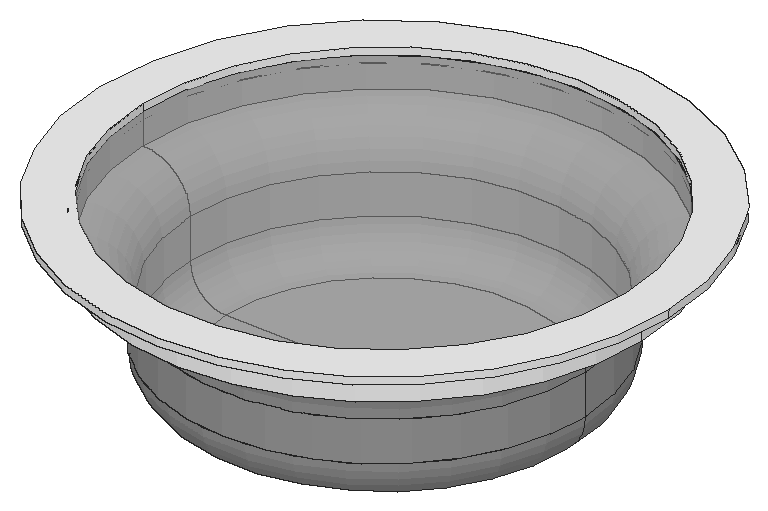
Revit family "3033931 Lighting Fixture_Sylvania_Insaver HO Topper LED II_Ceiling Recessed", category Lighting Fixtures, host Face, Revit 2017
Family settings
  Host = Face
  Round Connector Dimension = Use Diameter
  Part Type = Normal
  OmniClass Number = 23.80.70.11.17
  OmniClass Title = Specialized Lighting by Location or Use
  Cut with Voids When Loaded = No
  Light Source = Yes
  Shared = No
  Room Calculation Point = No
Parameters (values of type "Insaver HO Topper LED II 150 RO 12W NW")
  Weight = 0.38 kg
  Wattage = 12.9971 W
  built-in parameter 1150110 = 1 (stored number, unit not read)
  Voltage Comments = "UNV (Universal Voltage; 220-240 Volt)"  # constant formula
  Voltage = 230 V  # constant formula
  URL = "http://www.sylvania-lighting.com"
  Ta Rating = "-10°C to +40°C"  # constant formula
  LOR = "100 %"
  Glow Wire Test = 650 °C  # constant formula
  Electrical Protection = "Class II"  # constant formula
  Distribution type = "Direct - Symmetrical"  # constant formula
  Accessory Marerial = Metallic Paint_Sylvania_Insaver HO Topper LED_White_RAL 9003
  built-in parameter 1114217 = 1 (stored number, unit not read)
  Tilt Angle = -90°
  built-in parameter 1150109 = 1 (stored number, unit not read)
  built-in parameter 1150134 = 12
  built-in parameter 1150113 = 1 (stored number, unit not read)
  Product Page URL = "http://www.sylvania-lighting.com/product/en-int/products/3033931"
  Product Family = "INSAVER HO TOPPER LED II"  # constant formula
  Photometry Comments = ""
  Photometric Web File = "3033931_InsaverHOTopperLEDII150RO12WNW-194654.ies"
  Life = "50 000 h"  # constant formula
  Inner Radius = Inner Diameter / 2  # 70.0 mm
  IP Rating = "IP44"  # constant formula
  IK Rating = "IK07"  # constant formula
  Emit from Circle Diameter = Diffuser Diameter  # 136.0 mm
  Drive Current = "300 mA"
  Accessory Diameter = Diameter + 15.0 mm  # 160.0 mm
  Inner Diameter = Diameter - 5.0 mm  # 140.0 mm
  Diffuser Diameter = Diameter - 9.0 mm  # 136.0 mm
  Diameter = 145.0 mm
  Cutout Diameter = Diameter  # 145.0 mm
  CRI ( Ra ) = 80  # constant formula
  Body Material = Metallic Paint_Sylvania_Insaver HO Topper LED_White_RAL 9003
  Beam Angle = 74°  # constant formula
  Difuser Material = Polycarbonate_Sylvania_Insaver HO Topper LED_3000K
  Height = 45.0 mm
  built-in parameter 1114216 [instance] = 1 (stored number, unit not read)
  Model = "Insaver HO Topper LED II 150 RO 12W NW"
  Manufacturer = "Feilo Sylvania"  # constant formula
  built-in parameter 1150105 = 632.85 (stored number, unit not read)
  Lumens = 1134 lm
  built-in parameter 1150115 = 1 (stored number, unit not read)
  built-in parameter 1150137 = (empty or 0)
  built-in parameter 1150139 = (empty or 0)
  built-in parameter 1150112 = 1 (stored number, unit not read)
  built-in parameter 1150114 = 1 (stored number, unit not read)
  Lamp Comments = "Integrated LED"  # constant formula
  Lamp = "12W"
  built-in parameter 1150132 = 2
  built-in parameter 1150102 = (empty or 0)
  built-in parameter 1150107 = 4000 (stored number, unit not read)
  built-in parameter 1150138 = (empty or 0)
  built-in parameter 1150106 = 6.3285 (stored number, unit not read)
  Reflector Material = Metal_Sylvania_Insaver HO Topper LED
  Emit Shape Visible in Rendering = yes
  built-in parameter 1150104 = 8.1058 (stored number, unit not read)
  Dimming Lamp Color Temperature Shift = <None>
  Description = "Insaver HO Topper LED II is available in 4 different round cut out sizes: 150mm, 175mm, 205mm & 220mm Insaver HO Topper LED II 150 12W delivers a 1,134 lumen output (4,000K) - perfect for 1x26W CFL replacement Insaver HO Topper LED II 175 15W delivers a 1,480 lumen output (4,000K) - perfect for 1x32W/2x18W CFL replacement Insaver HO Topper LED II 205 21W delivers a 1,989 lumen output (4,000K) - perfect for 1x42W CFL replacement Insaver HO Topper LED II 225 25W delivers a 2,289 lumen output (4,000K)- perfect for 2x26W CFL replacement High efficacy up to 99lm/W (Insaver HO Topper LED II 175 4,000K) IP44 rating allows for installation in applicable wet zone areas Choice of 3,000K (warm white) or 4,000K (neutral white) Shallow recess depth of <65mm Can replace existing large CFL downlights using a 225mm ceiling cut out (Insaver HO Topper LED II 225) Energy efficient electronic gear including analogue 1-10V and DALI dimmable options IK07 polycarbonate diffuser allows for a wider light distribution than a reflector downlight, allowing for increased spacings between luminaires 3 hour emergency pack available (to be ordered in addition to the luminaire) Ideal for applications such as corridors, public WCs and back of house areas Quick and easy to install Loop in-Loop out facility with red push fit terminal block for quick wiring White bezel (RAL 9003) Energy Class: A++, A+, A Long lifetime: 50,000 hours life at L70 (L80: 30,000 hours, L90: 15,000 hours)"  # constant formula
  Default Elevation = 0.0 mm
  Color Filter = 16777215
  Catalog Number = "3033931 Insaver HO Topper LED II 150 RO 12W NW"
  built-in parameter 1140040 [instance] = 1
  built-in parameter 1114218 = 1 (stored number, unit not read)
  built-in parameter 1150133 = 10 (stored number, unit not read)
  Assembly Code = "D5020200"
  Apparent Load Comments = ""
  Apparent Load = 12 VA
Reference planes
  plane 1 "Center (Front/Back)": y = 0
  plane 2: z = 0
  plane 3 "Center (Left/Right)": x = 0
  plane 4 "Fixture Bottom": z = 2
  plane 5 "Fixture Top": z = -45
  plane 6 "Brace Top": z = -8.5
  plane 7 "Fixture Left": x = -80
  plane 8 "Fixture Right": x = 80
  plane 9 "Cutout Right": x = 72.5
  plane 10 "Cutout Left": x = -72.5
  plane 11: z = -2
Forms (mm)
  Extrusion 1, void
    sketch origin (0, 0, 59) x (-1, 0, 0) y (0, -1, 0)
      loop
        circle (0, 0) r 72.5
    from -104 to -57
  Extrusion 2, solid, material "Metallic Paint_Sylvania_Insaver HO Topper LED_White_RAL 9003" <- "Accessory Marerial", detail levels fine
    sketch origin (0, 0, 59) x (-1, 0, 0) y (0, -1, 0)
      loop
        circle (0, 0) r 80
      loop
        circle (0, 0) r 68
    from -59 to -57
  Extrusion 3, solid, material "Metallic Paint_Sylvania_Insaver HO Topper LED_White_RAL 9003" <- "Accessory Marerial", detail levels fine
    sketch origin (0, 0, 0) x (1, 0, 0) y (0, 1, 0)
      loop
        circle (0, 0) r 72.5
      loop
        circle (0, 0) r 70
    from -8.5 to 0
  Extrusion 4, solid, material "Polycarbonate_Sylvania_Insaver HO Topper LED_3000K" <- "Difuser Material", detail levels fine
    sketch origin (0, 0, 59) x (-1, 0, 0) y (0, -1, 0)
      loop
        circle (0, 0) r 68
    from -61 to -59
  Revolve 5, solid, material "Metal_Sylvania_Insaver HO Topper LED" <- "Reflector Material", detail levels fine
    sketch origin (0, 0, 0) x (1, 0, 0) y (0, 0, 1)
      loop
        line (-68, 0) -> (-70, 0) -> (-70, -8.5)
        arc (-70, -8.5) -> (-60.547, -12.382) -> (-56.627, -21.82) r 13.32
        line (-56.627, -21.82) -> (-56.627, -33)
        arc (-56.627, -33) -> (-53.113, -41.485) -> (-44.627, -45) r 12
        line (-44.627, -45) -> (0, -45) -> (0, -43) -> (-44.627, -43)
        arc (-44.627, -43) -> (-51.698, -40.071) -> (-54.627, -33) r 10
        line (-54.627, -33) -> (-54.627, -21.82)
        arc (-54.627, -21.82) -> (-58.547, -12.382) -> (-68, -8.5) r 13.32
        line (-68, -8.5) -> (-68, 0)
      axis (0, -45) -> (0, 0)
    angle from 0 to 360
  Revolve 6, solid, material "Metallic Paint_Sylvania_Insaver HO Topper LED_White_RAL 9003" <- "Body Material", detail levels coarse+medium
    sketch origin (0, 0, 0) x (1, 0, 0) y (0, 0, 1)
      loop
        line (-56.627, -21.82) -> (-56.627, -33)
        arc (-56.627, -33) -> (-53.113, -41.485) -> (-44.627, -45) r 12
        line (-44.627, -45) -> (0, -45) -> (0, 2) -> (-80, 2) -> (-80, 0) -> (-72.5, 0) -> (-72.5, -8.5) -> (-70, -8.5)
        arc (-70, -8.5) -> (-60.547, -12.382) -> (-56.627, -21.82) r 13.32
      axis (0, -45) -> (0, 2)
    angle from 0 to 360
Cuts and joins
  joined: Extrusion 2, Extrusion 3
Dimensions and locks
  plane 4 "Fixture Bottom" to plane 2 to plane 6 "Brace Top" = 2.0 mm locked, 8.5 mm locked
  "Height": plane 2 to plane 5 "Fixture Top"
  equal spacing: plane 8 "Fixture Right", plane 3 "Center (Left/Right)", plane 7 "Fixture Left"
  "Accessory Diameter": plane 8 "Fixture Right" to plane 7 "Fixture Left"
  equal spacing: plane 9 "Cutout Right", plane 3 "Center (Left/Right)", plane 10 "Cutout Left"
  "Diameter": plane 9 "Cutout Right" to plane 10 "Cutout Left"
  locked: Revolve 6 sketch curve to Revolve 6 sketch curve at 23.373
  locked: Revolve 6 sketch curve to plane 5 "Fixture Top" at 12
  locked: Revolve 5 sketch curve to plane 7 "Fixture Left" at 23.373
  "Cutout Diameter": diameter of Extrusion 1 sketch curve
  "Accessory Diameter": diameter of Extrusion 2 sketch curve
  "Diffuser Diameter": diameter of Extrusion 2 sketch curve
  "Diameter": diameter of Extrusion 3 sketch curve
  "Inner Diameter": diameter of Extrusion 3 sketch curve
  "Diffuser Diameter": diameter of Extrusion 4 sketch curve
  aligned and locked: plane 2 to host face
  aligned and locked: level to host face
  aligned and locked: plane 1 "Center (Front/Back)" to imposter light
  aligned and locked: Extrusion 2 to plane 2
  aligned and locked: plane 4 "Fixture Bottom" to Extrusion 2
  aligned and locked: plane 2 to Extrusion 3
  aligned and locked: plane 4 "Fixture Bottom" to Extrusion 1
  aligned and locked: Extrusion 1 to plane 5 "Fixture Top"
  aligned and locked: plane 3 "Center (Left/Right)" to imposter light
  aligned and locked: imposter light to plane 4 "Fixture Bottom"
  aligned and locked: Extrusion 3 to plane 6 "Brace Top"
  aligned and locked: level to Extrusion 4
  aligned and locked: plane 11 to Extrusion 4
  aligned and locked: imposter light to Revolve 5 sketch curve  (x2)
  aligned and locked: Revolve 5 sketch curve to plane 2
  aligned and locked: plane 6 "Brace Top" to Revolve 5 sketch curve
  aligned and locked: Revolve 6 sketch curve to imposter light
  aligned and locked: plane 2 to Revolve 6 sketch curve
  aligned and locked: plane 6 "Brace Top" to Revolve 6 sketch curve
  aligned and locked: plane 7 "Fixture Left" to Revolve 6 sketch curve
  aligned and locked: plane 10 "Cutout Left" to Revolve 6 sketch curve
  aligned and locked: Revolve 6 sketch curve to plane 5 "Fixture Top"
  aligned and locked: Revolve 5 sketch curve to plane 5 "Fixture Top"
Automatic sketch dimensions
  host sketch curve to host sketch curve = 1596.918 mm
  host sketch curve to host sketch curve = 1559.52 mm
  Revolve 6 sketch curve to plane 3 "Center (Left/Right)" = 0.0 mm  (x2)
  Revolve 6 sketch curve to Revolve 6 sketch curve = 2.5 mm
  plane 5 "Fixture Top" to Revolve 6 sketch curve = 23.18 mm
  Revolve 6 sketch curve to plane 5 "Fixture Top" = 19.048 mm
  plane 4 "Fixture Bottom" to Revolve 6 sketch curve = 5.837 mm
  Revolve 5 sketch curve to Revolve 5 sketch curve = 0.0 mm  (x2)
  Revolve 5 sketch curve to plane 6 "Brace Top" = 0.0 mm
  plane 10 "Cutout Left" to Revolve 5 sketch curve = 2.5 mm
  plane 5 "Fixture Top" to Revolve 5 sketch curve = 2.0 mm
  Revolve 5 sketch curve to Revolve 5 sketch curve = 2.0 mm  (x2)
  Revolve 5 sketch curve to Revolve 5 sketch curve = 10.0 mm
  plane 5 "Fixture Top" to Revolve 5 sketch curve = 23.18 mm
  Revolve 5 sketch curve to plane 5 "Fixture Top" = 19.048 mm
  plane 4 "Fixture Bottom" to Revolve 5 sketch curve = 5.837 mm
  plane 1 "Center (Front/Back)" to Extrusion 1 sketch curve = 0.0 mm
  Extrusion 1 sketch curve to plane 3 "Center (Left/Right)" = 0.0 mm
  Extrusion 2 sketch curve to Extrusion 2 sketch curve = 0.0 mm  (x2)
  plane 1 "Center (Front/Back)" to Extrusion 2 sketch curve = 0.0 mm
  Extrusion 2 sketch curve to plane 3 "Center (Left/Right)" = 0.0 mm
  Extrusion 3 sketch curve to Extrusion 3 sketch curve = 0.0 mm  (x2)
  plane 1 "Center (Front/Back)" to Extrusion 3 sketch curve = 0.0 mm
  Extrusion 3 sketch curve to plane 3 "Center (Left/Right)" = 0.0 mm
  plane 1 "Center (Front/Back)" to Extrusion 4 sketch curve = 0.0 mm
  Extrusion 4 sketch curve to plane 3 "Center (Left/Right)" = 0.0 mm
Connectors
  electrical at (0, 0, -45), driven by "Voltage", driven by "Apparent Load"
    settings: index 1, voltage 230 V, apparent load 0 VA, apparent load phase1 12 VA, apparent load phase2 0 VA, apparent load phase3 0 VA, power factor 1, load classification "Lighting", number of poles 1, system type 31, power factor state 1, is connector primary yes, connector utility no, sub classification motor no, connector description ""
